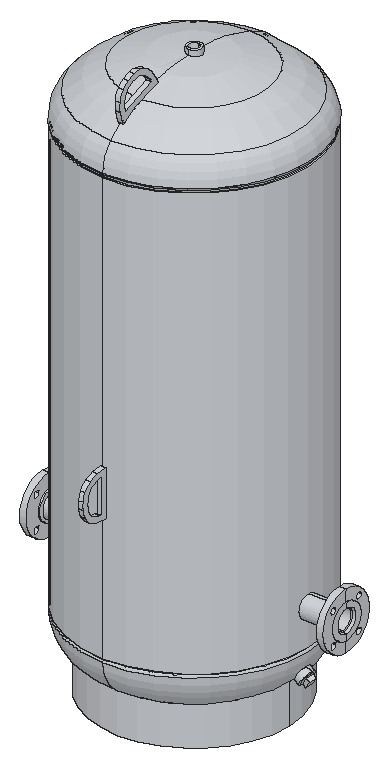
Revit family "CBT-120-2", category Generic Models, Revit 2014
Parameters (values of type "CBT-120-2")
  URL = "http://westank.com/"
  Tank Volume = 120.00 gal
  Shipping Weight = 410.00 lbf
  Part number = 552420120
  Model = "CBT-120-2"
  Flange Connector Diameter = 2"
  Description = "Wessels ASME Chilled Water Buffer Tanks (CBT) are designed for chilled water systems with insufficient water volume capacity in relation to the chiller capacity."
  D = 12"
  C = 19.99807"
  B = 60"
  A = 24"
Reference planes (in)
  plane 1 "Center (Front/Back)": y = 0
  plane 2: z = 0
  plane 3 "Center (Left/Right)": x = 0
  plane 4: through (12.55282, -180, 5.24135) normal (0.8192, 0, -0.5736)
  plane 5: z = 60
  plane 6: x = -9.99904
  plane 7: x = 9.99904
  plane 8: x = -12
  plane 9: x = 12
  plane 10: y = 12
  plane 11: y = -12
  plane 12: z = 11.99821
  plane 13: z = 11.99821
  plane 14: z = 11.99821
  plane 15: z = 12
Forms (in)
  Revolve 1, solid
    sketch origin (0, 0, 0) x (0, 1, 0) y (0, 0, 1)
      loop
        arc (-9.83101, 4.11424) -> (-7.79074, 2.94425) -> (-5.56568, 2.18221) r 12.35166
        arc (-5.56568, 2.18221) -> (-4.72655, 1.99447) -> (-3.88233, 1.83116) r 29.62981
        arc (-3.88233, 1.83116) -> (-1.94875, 1.5746) -> (0, 1.4915) r 21.84895
        line (0, 1.4915) -> (0, 1.65929)
        arc (0, 1.65929) -> (-1.35631, 1.72935) -> (-2.7096, 1.84384) r 41.42336
        arc (-2.7096, 1.84384) -> (-4.29668, 2.07784) -> (-5.85586, 2.45541) r 17.59706
        arc (-5.85586, 2.45541) -> (-7.96801, 3.24984) -> (-9.93425, 4.35719) r 14.74916
        arc (-9.93425, 4.35719) -> (-11.28742, 5.80966) -> (-11.85018, 7.71336) r 4.32984
        arc (-11.85018, 7.71336) -> (-11.81699, 7.79381) -> (-11.76254, 7.86171) r 0.30676
        arc (-11.76254, 7.86171) -> (-11.65716, 8.06319) -> (-11.7003, 8.28643) r 0.3444
        line (-11.7003, 8.28643) -> (-11.84851, 8.28643) -> (-11.84851, 53.23643) -> (-11.64597, 53.23643)
        arc (-11.64597, 53.23643) -> (-11.68669, 53.50997) -> (-11.81863, 53.75302) r 0.7952
        arc (-11.81863, 53.75302) -> (-11.84499, 53.79032) -> (-11.86692, 53.83038) r 0.40051
        arc (-11.86692, 53.83038) -> (-11.57837, 55.15816) -> (-10.81368, 56.28132) r 3.5625
        arc (-10.81368, 56.28132) -> (-9.13055, 57.64322) -> (-7.20864, 58.64022) r 10.74973
        arc (-7.20864, 58.64022) -> (-3.66872, 59.63274) -> (0, 59.87064) r 17.65577
        line (0, 59.87064) -> (0, 60.02076)
        arc (0, 60.02076) -> (-3.69689, 59.7801) -> (-7.26395, 58.77965) r 17.80577
        arc (-7.26395, 58.77965) -> (-9.21268, 57.76874) -> (-10.9193, 56.38783) r 10.89973
        arc (-10.9193, 56.38783) -> (-11.72267, 55.20221) -> (-12.01747, 53.80072) r 3.7125
        arc (-12.01747, 53.80072) -> (-11.98199, 53.72714) -> (-11.93601, 53.65963) r 0.55051
        arc (-11.93601, 53.65963) -> (-11.85613, 53.53057) -> (-11.80861, 53.38643) r 0.6452
        line (-11.80861, 53.38643) -> (-11.99851, 53.38643) -> (-11.99851, 8.13643) -> (-11.80492, 8.13643)
        arc (-11.80492, 8.13643) -> (-11.81524, 8.04663) -> (-11.86505, 7.97121) r 0.1944
        arc (-11.86505, 7.97121) -> (-11.95237, 7.85922) -> (-12.00107, 7.72583) r 0.45676
        arc (-12.00107, 7.72583) -> (-11.36713, 5.64899) -> (-9.83101, 4.11424) r 4.47984
      axis (0, 1.4915) -> (0, 60.02076)
    angle from 0 to 360
  Revolve 2, solid
    sketch origin (0, 0, 0) x (1, 0, 0) y (0, 0, 1)
      loop
        line (11.71753, 6.11956) -> (11.66586, 6.1556) -> (11.25436, 5.56561) -> (11.86992, 5.13627) -> (12.24588, 5.6753) -> (12.19462, 5.71106) -> (12.31904, 5.88945) -> (11.80641, 6.24699) -> (11.71753, 6.11956)
      axis (11.25436, 5.56561) -> (11.86992, 5.13627)
    angle from 0 to 360
  Extrusion 3, solid
    sketch origin (12.55282, -180, 5.24135) x (0.573576, 0, 0.819152) y (0, -1, 0)
      loop
        line (-0.16036, -179.52645) -> (-0.95521, -179.68698) -> (-0.79485, -180.48095) -> (0, -180.32042) -> (-0.16036, -179.52645)
    from -1.04121 to 0
  Extrusion 4, solid
    sketch origin (0, 0, 0) x (0, 1, 0) y (0, 0, 1)
      loop
        line (-11.93439, 21.33067) -> (-11.93439, 26.202)
        arc (-11.93439, 26.202) -> (-12.47846, 26.15164) -> (-13.01533, 26.05008) r 5.77422
        arc (-13.01533, 26.05008) -> (-13.49297, 25.89754) -> (-13.94252, 25.67548) r 3.35288
        arc (-13.94252, 25.67548) -> (-14.34081, 25.36666) -> (-14.64962, 24.96837) r 2.0073
        arc (-14.64962, 24.96837) -> (-14.80343, 24.58932) -> (-14.88788, 24.18906) r 2.30742
        arc (-14.88788, 24.18906) -> (-14.91277, 23.77188) -> (-14.88788, 23.3547) r 3.50846
        arc (-14.88788, 23.3547) -> (-14.79412, 22.92876) -> (-14.61961, 22.52904) r 2.24053
        arc (-14.61961, 22.52904) -> (-14.27401, 22.08806) -> (-13.80999, 21.77406) r 1.8078
        arc (-13.80999, 21.77406) -> (-13.34321, 21.55591) -> (-12.84107, 21.44044) r 2.44481
        arc (-12.84107, 21.44044) -> (-12.39043, 21.36326) -> (-11.93439, 21.33067) r 4.65484
      loop
        arc (-12.44611, 25.63929) -> (-12.67227, 25.60073) -> (-12.89654, 25.55235) r 5.2625
        arc (-12.89654, 25.55235) -> (-13.30128, 25.42308) -> (-13.68221, 25.23491) r 2.84116
        arc (-13.68221, 25.23491) -> (-13.97364, 25.01013) -> (-14.20134, 24.72098) r 1.49558
        arc (-14.20134, 24.72098) -> (-14.3163, 24.43235) -> (-14.37979, 24.12821) r 1.7957
        arc (-14.37979, 24.12821) -> (-14.40106, 23.77188) -> (-14.37979, 23.41555) r 2.99674
        arc (-14.37979, 23.41555) -> (-14.30745, 23.08689) -> (-14.17279, 22.77846) r 1.72881
        arc (-14.17279, 22.77846) -> (-13.91552, 22.45353) -> (-13.56884, 22.22643) r 1.29608
        arc (-13.56884, 22.22643) -> (-13.1779, 22.0402) -> (-12.75531, 21.94566) r 1.9331
        arc (-12.75531, 21.94566) -> (-12.60126, 21.91347) -> (-12.44611, 21.88716) r 4.14312
        line (-12.44611, 21.88716) -> (-12.44611, 25.63929)
    from -0.24366 to 0.25634
  Extrusion 5, solid
    sketch origin (0, -25.23675, 38.88211) x (0, 0.366501, -0.930418) y (0, 0.930418, 0.366501)
      loop
        line (-11.41103, 21.34851) -> (-11.41103, 26.20181)
        arc (-11.41103, 26.20181) -> (-12.2185, 26.18219) -> (-13.01533, 26.05008) r 5.77422
        arc (-13.01533, 26.05008) -> (-13.49297, 25.89754) -> (-13.94252, 25.67548) r 3.35288
        arc (-13.94252, 25.67548) -> (-14.34081, 25.36666) -> (-14.64962, 24.96837) r 2.0073
        arc (-14.64962, 24.96837) -> (-14.80343, 24.58932) -> (-14.88788, 24.18906) r 2.30742
        arc (-14.88788, 24.18906) -> (-14.91277, 23.77188) -> (-14.88788, 23.3547) r 3.50846
        arc (-14.88788, 23.3547) -> (-14.79412, 22.92876) -> (-14.61961, 22.52904) r 2.24053
        arc (-14.61961, 22.52904) -> (-14.27401, 22.08806) -> (-13.80999, 21.77406) r 1.8078
        arc (-13.80999, 21.77406) -> (-13.34321, 21.55591) -> (-12.84107, 21.44044) r 2.44481
        arc (-12.84107, 21.44044) -> (-12.12961, 21.33911) -> (-11.41103, 21.34851) r 4.65484
      loop
        arc (-12.44611, 25.63929) -> (-12.67227, 25.60073) -> (-12.89654, 25.55235) r 5.2625
        arc (-12.89654, 25.55235) -> (-13.30128, 25.42308) -> (-13.68221, 25.23491) r 2.84116
        arc (-13.68221, 25.23491) -> (-13.97364, 25.01013) -> (-14.20134, 24.72098) r 1.49558
        arc (-14.20134, 24.72098) -> (-14.3163, 24.43235) -> (-14.37979, 24.12821) r 1.7957
        arc (-14.37979, 24.12821) -> (-14.40106, 23.77188) -> (-14.37979, 23.41555) r 2.99674
        arc (-14.37979, 23.41555) -> (-14.30745, 23.08689) -> (-14.17279, 22.77846) r 1.72881
        arc (-14.17279, 22.77846) -> (-13.91552, 22.45353) -> (-13.56884, 22.22643) r 1.29608
        arc (-13.56884, 22.22643) -> (-13.1779, 22.0402) -> (-12.75531, 21.94566) r 1.9331
        arc (-12.75531, 21.94566) -> (-12.60126, 21.91347) -> (-12.44611, 21.88716) r 4.14312
        line (-12.44611, 21.88716) -> (-12.44611, 25.63929)
    from -0.24366 to 0.25634
  Extrusion 6, void
    sketch origin (0, 0, 0) x (1, 0, 0) y (0, 1, 0)
      loop
        circle (0, 0) r 0.5
    from 58.5833 to 62.3834
  Revolve 7, solid
    sketch origin (0, 0, 0) x (1, 0, 0) y (0, 0, 1)
      loop
        line (9.87513, 4.44941) -> (9.87513, 0) -> (10.00001, 0) -> (10.00001, 4.44941) -> (9.87513, 4.44941)
      axis (0, 4.44941) -> (0, 0)
    angle from 0 to 360
  Revolve 8, solid
    sketch origin (0, 0, 0) x (1, 0, 0) y (0, 0, 1)
      loop
        line (15, 10.77806) -> (15, 10.46875) -> (15.25, 10.46875) -> (15.25, 8.99805) -> (15.94384, 8.99805) -> (15.94384, 10.1875) -> (16.00634, 10.1875) -> (16.00634, 10.77806) -> (15, 10.77806)
      axis (16.00634, 11.99821) -> (15, 11.99821)
    angle from 0 to 360
  Extrusion 9, void
    sketch origin (0, 0, 0) x (0, 1, 0) y (0, 0, 1)
      loop
        circle (1.67838, 13.65975) r 0.38097
      loop
        circle (-1.69644, 13.66878) r 0.38097
      loop
        circle (1.66935, 10.33245) r 0.38097
      loop
        circle (-1.69644, 10.32341) r 0.38097
    from 13.18334 to 17.21816
  Revolve 10, solid
    sketch origin (0, 0, 0) x (-1, 0, 0) y (0, 0, 1)
      loop
        line (-11.375, 10.96467) -> (-15.61866, 10.96467) -> (-15.61866, 10.81071) -> (-11.375, 10.81071) -> (-11.375, 10.96467)
      axis (-15.61866, 11.99821) -> (-11.375, 11.99821)
    angle from 0 to 360
  Revolve 11, solid
    sketch origin (0, 0, 0) x (-1, 0, 0) y (0, 0, 1)
      loop
        line (15, 10.77806) -> (15, 10.46875) -> (15.25, 10.46875) -> (15.25, 8.99805) -> (15.94384, 8.99805) -> (15.94384, 10.1875) -> (16.00634, 10.1875) -> (16.00634, 10.77806) -> (15, 10.77806)
      axis (16.00634, 11.99821) -> (15, 11.99821)
    angle from 0 to 360
  Extrusion 12, void
    sketch origin (0, 0, 0) x (0, 1, 0) y (0, 0, -1)
      loop
        circle (1.67001, -13.67695) r 0.38097
      loop
        circle (-1.69736, -13.67695) r 0.38097
      loop
        circle (1.66025, -10.31316) r 0.38097
      loop
        circle (-1.69931, -10.32098) r 0.38097
    from 13.18334 to 17.21816
  Revolve 13, solid
    sketch origin (0, 0, 0) x (1, 0, 0) y (0, 0, 1)
      loop
        line (-11.375, 10.96467) -> (-15.61866, 10.96467) -> (-15.61866, 10.81071) -> (-11.375, 10.81071) -> (-11.375, 10.96467)
      axis (-15.61866, 11.99821) -> (-11.375, 11.99821)
    angle from 0 to 360
  Revolve 14, solid
    sketch origin (0, 0, 0) x (0, 1, 0) y (0, 0, 1)
      loop
        line (-0.75142, 60.51897) -> (-0.75142, 59.62205) -> (-0.48677, 59.62205) -> (-0.51809, 60.51897) -> (-0.75142, 60.51897)
      axis (0, 59.62205) -> (0, 60.51897)
    angle from 0 to 360
Cuts and joins
  Extrusion 6 cuts Revolve 1
  Extrusion 9, Extrusion 12 cuts Revolve 8
  Extrusion 12 cuts Revolve 11
  joined: Revolve 1, Revolve 2, Extrusion 3, Extrusion 4, Extrusion 5, Revolve 7, Revolve 8, Revolve 10, Revolve 11, Revolve 13
Dimensions and locks (in)
  "B": plane 5 to level
  "C": plane 7 to plane 6
  equal spacing: plane 9, plane 3 "Center (Left/Right)", plane 8
  "A": plane 9 to plane 8
  "D": plane 15 to level
  aligned and locked: plane 2 to level
  aligned and locked: Revolve 1 sketch curve to Revolve 1 sketch curve
  aligned and locked: Revolve 7 sketch curve to plane 3 "Center (Left/Right)"
Automatic sketch dimensions
  Revolve 1 sketch curve to Revolve 1 sketch curve = 0"  (x30)
  Revolve 1 sketch curve to plane 1 "Center (Front/Back)" = 0"  (x2)
  plane 1 "Center (Front/Back)" to Revolve 1 sketch curve = 0.04449"
  plane 1 "Center (Front/Back)" to Revolve 1 sketch curve = 0.69809"
  plane 1 "Center (Front/Back)" to Revolve 1 sketch curve = 0.93901"
  plane 1 "Center (Front/Back)" to Revolve 1 sketch curve = 1.73475"
  plane 13 to Revolve 1 sketch curve = 2.19727"
  Revolve 1 sketch curve to Revolve 1 sketch curve = 0.95959"
  plane 1 "Center (Front/Back)" to Revolve 1 sketch curve = 3.24468"
  Revolve 1 sketch curve to plane 11 = 4.47284"
  Revolve 1 sketch curve to plane 11 = 3.69471"
  Revolve 1 sketch curve to plane 11 = 0.49477"
  Revolve 1 sketch curve to plane 11 = 0.44712"
  Revolve 1 sketch curve to plane 11 = 0.35403"
  Revolve 1 sketch curve to plane 11 = 0.2997"
  Revolve 1 sketch curve to Revolve 1 sketch curve = 0.10462"
  Revolve 1 sketch curve to plane 11 = 0.19139"
  Revolve 1 sketch curve to plane 11 = 0.15149"
  Revolve 1 sketch curve to plane 11 = 0.00208"
  Revolve 1 sketch curve to plane 11 = 0.00149"
  plane 11 to Revolve 1 sketch curve = 0.44088"
  Revolve 1 sketch curve to plane 1 "Center (Front/Back)" = 1.32224"
  Revolve 1 sketch curve to plane 1 "Center (Front/Back)" = 1.45836"
  Revolve 1 sketch curve to plane 13 = 3.71179"
  Revolve 1 sketch curve to Revolve 1 sketch curve = 0.15"  (x2)
  Revolve 1 sketch curve to Revolve 1 sketch curve = 0.02331"
  Revolve 1 sketch curve to plane 13 = 4.04193"
  Revolve 1 sketch curve to Revolve 1 sketch curve = 0.49864"
  level to Revolve 1 sketch curve = 1.65929"
  Revolve 1 sketch curve to Revolve 1 sketch curve = 0.16779"
  Revolve 1 sketch curve to Revolve 1 sketch curve = 2.42164"
  Revolve 1 sketch curve to Revolve 1 sketch curve = 2.73447"
  Revolve 1 sketch curve to Revolve 1 sketch curve = 3.98882"
  Revolve 1 sketch curve to Revolve 1 sketch curve = 7.65989"
  Revolve 1 sketch curve to Revolve 1 sketch curve = 11.22838"
  Revolve 1 sketch curve to Revolve 1 sketch curve = 0.8283"
  Revolve 1 sketch curve to Revolve 1 sketch curve = 6.41936"
  Revolve 1 sketch curve to plane 5 = 6.76357"
  Revolve 1 sketch curve to Revolve 1 sketch curve = 0.02147"
  Revolve 1 sketch curve to Revolve 1 sketch curve = 0.5152"
  Revolve 1 sketch curve to Revolve 1 sketch curve = 0.61597"
  Revolve 1 sketch curve to plane 5 = 0.12936"
  plane 5 to Revolve 1 sketch curve = 0.02076"
  Revolve 1 sketch curve to Revolve 1 sketch curve = 0.10324"
  Revolve 1 sketch curve to Revolve 1 sketch curve = 0.06037"
  Revolve 2 sketch curve to plane 9 = 0.74564"
  Revolve 2 sketch curve to plane 9 = 0.33414"
  Revolve 2 sketch curve to Revolve 2 sketch curve = 0.05167"
  Revolve 2 sketch curve to Revolve 2 sketch curve = 0.08888"
  Revolve 2 sketch curve to plane 9 = 0.13008"
  plane 9 to Revolve 2 sketch curve = 0.19462"
  Revolve 2 sketch curve to Revolve 2 sketch curve = 0.05126"
  level to Revolve 2 sketch curve = 5.13627"
  Revolve 2 sketch curve to Revolve 2 sketch curve = 0.42934"
  Revolve 2 sketch curve to Revolve 2 sketch curve = 0.12768"
  Revolve 2 sketch curve to Revolve 2 sketch curve = 0"  (x2)
  Revolve 2 sketch curve to Revolve 2 sketch curve = 0.08905"
  plane 1 "Center (Front/Back)" to Extrusion 3 sketch curve = 0.31302"
  Extrusion 3 sketch curve to plane 1 "Center (Front/Back)" = 0.48095"
  Extrusion 3 sketch curve to Extrusion 3 sketch curve = 0.16036"  (x2)
  plane 1 "Center (Front/Back)" to Extrusion 3 sketch curve = 0.47355"
  Extrusion 3 sketch curve to Extrusion 3 sketch curve = 0.79485"
  Extrusion 3 sketch curve to plane 1 "Center (Front/Back)" = 0.32042"
  Extrusion 4 sketch curve to Extrusion 4 sketch curve = 0"  (x24)
  plane 11 to Extrusion 4 sketch curve = 1.04109"
  Extrusion 4 sketch curve to Extrusion 4 sketch curve = 0.11966"
  Extrusion 4 sketch curve to Extrusion 4 sketch curve = 0.25819"
  Extrusion 4 sketch curve to Extrusion 4 sketch curve = 0.06641"
  Extrusion 4 sketch curve to Extrusion 4 sketch curve = 0.04958"
  plane 11 to Extrusion 4 sketch curve = 0.44611"
  plane 11 to Extrusion 4 sketch curve = 0.23696"
  Extrusion 4 sketch curve to plane 11 = 0.06561"
  Extrusion 4 sketch curve to plane 11 = 0.16899"
  Extrusion 4 sketch curve to plane 11 = 0.32516"
  Extrusion 4 sketch curve to plane 11 = 0.59568"
  plane 13 to Extrusion 4 sketch curve = 8.4354"
  Extrusion 4 sketch curve to Extrusion 4 sketch curve = 0.89706"
  Extrusion 4 sketch curve to Extrusion 4 sketch curve = 0.55648"
  Extrusion 4 sketch curve to Extrusion 4 sketch curve = 0.90165"
  Extrusion 4 sketch curve to Extrusion 4 sketch curve = 0.62139"
  Extrusion 4 sketch curve to Extrusion 4 sketch curve = 0.21092"
  Extrusion 4 sketch curve to Extrusion 4 sketch curve = 0.15076"
  Extrusion 4 sketch curve to Extrusion 4 sketch curve = 0.24641"
  Extrusion 4 sketch curve to Extrusion 4 sketch curve = 0.04716"
  Extrusion 4 sketch curve to Extrusion 4 sketch curve = 0.0326"
  Extrusion 4 sketch curve to Extrusion 4 sketch curve = 1.7246"
  Extrusion 4 sketch curve to Extrusion 4 sketch curve = 0.34507"
  Extrusion 4 sketch curve to Extrusion 4 sketch curve = 0.21764"
  Extrusion 4 sketch curve to Extrusion 4 sketch curve = 1.12273"
  Extrusion 4 sketch curve to Extrusion 4 sketch curve = 0.78568"
  Extrusion 4 sketch curve to Extrusion 4 sketch curve = 0.24115"
  Extrusion 4 sketch curve to Extrusion 4 sketch curve = 0.2603"
  Extrusion 4 sketch curve to Extrusion 4 sketch curve = 0.60395"
  Extrusion 4 sketch curve to Extrusion 4 sketch curve = 0.51913"
  Extrusion 4 sketch curve to Extrusion 4 sketch curve = 0.44682"
  Extrusion 4 sketch curve to Extrusion 4 sketch curve = 0.44829"
  Extrusion 5 sketch curve to Extrusion 5 sketch curve = 0"  (x24)
  Extrusion 5 sketch curve to plane 5 = 0.40436"
  Extrusion 5 sketch curve to plane 11 = 3.76493"
  Extrusion 5 sketch curve to Extrusion 5 sketch curve = 0.11966"
  Extrusion 5 sketch curve to Extrusion 5 sketch curve = 0.25819"
  Extrusion 5 sketch curve to Extrusion 5 sketch curve = 0.06641"
  Extrusion 5 sketch curve to Extrusion 5 sketch curve = 0.04958"
  Extrusion 5 sketch curve to Extrusion 5 sketch curve = 0.59499"
  Extrusion 5 sketch curve to Extrusion 5 sketch curve = 0.20915"
  Extrusion 5 sketch curve to Extrusion 5 sketch curve = 0.6151"
  Extrusion 5 sketch curve to Extrusion 5 sketch curve = 0.77126"
  Extrusion 5 sketch curve to Extrusion 5 sketch curve = 0.41998"
  Extrusion 5 sketch curve to Extrusion 5 sketch curve = 1.14294"
  Extrusion 5 sketch curve to Extrusion 5 sketch curve = 0.62139"
  Extrusion 5 sketch curve to Extrusion 5 sketch curve = 0.90165"
  Extrusion 5 sketch curve to Extrusion 5 sketch curve = 0.53865"
  Extrusion 5 sketch curve to Extrusion 5 sketch curve = 0.91489"
  Extrusion 5 sketch curve to Extrusion 5 sketch curve = 0.21092"
  Extrusion 5 sketch curve to Extrusion 5 sketch curve = 0.15076"
  Extrusion 5 sketch curve to Extrusion 5 sketch curve = 0.24641"
  Extrusion 5 sketch curve to Extrusion 5 sketch curve = 0.04716"
  Extrusion 5 sketch curve to Extrusion 5 sketch curve = 0.0326"
  Extrusion 5 sketch curve to Extrusion 5 sketch curve = 1.7246"
  Extrusion 5 sketch curve to Extrusion 5 sketch curve = 0.34507"
  Extrusion 5 sketch curve to Extrusion 5 sketch curve = 0.21744"
  Extrusion 5 sketch curve to Extrusion 5 sketch curve = 1.12273"
  Extrusion 5 sketch curve to Extrusion 5 sketch curve = 0.78568"
  Extrusion 5 sketch curve to Extrusion 5 sketch curve = 0.24115"
  Extrusion 5 sketch curve to Extrusion 5 sketch curve = 0.2603"
  Extrusion 5 sketch curve to Extrusion 5 sketch curve = 0.60395"
  Extrusion 5 sketch curve to Extrusion 5 sketch curve = 0.51913"
  Extrusion 5 sketch curve to Extrusion 5 sketch curve = 0.44682"
  Extrusion 5 sketch curve to Extrusion 5 sketch curve = 0.44829"
  Extrusion 6 sketch curve to Extrusion 6 sketch curve = 0"  (x2)
  plane 1 "Center (Front/Back)" to Extrusion 6 sketch curve = 0"
  Extrusion 6 sketch curve to plane 3 "Center (Left/Right)" = 0"
  Extrusion 6 sketch curve to plane 3 "Center (Left/Right)" = 0.5"
  Revolve 7 sketch curve to level = 0"
  Revolve 7 sketch curve to plane 7 = 0.12391"
  plane 7 to Revolve 7 sketch curve = 0.00098"
  Revolve 7 sketch curve to Revolve 7 sketch curve = 4.44941"
  level to Revolve 7 sketch curve = 4.69941"
  Revolve 7 sketch curve to Revolve 7 sketch curve = 1"
  Revolve 8 sketch curve to plane 13 = 0"
  plane 9 to Revolve 8 sketch curve = 3"
  Revolve 8 sketch curve to Revolve 8 sketch curve = 0.25"
  Revolve 8 sketch curve to Revolve 8 sketch curve = 0.69384"
  Revolve 8 sketch curve to Revolve 8 sketch curve = 0.0625"
  Revolve 8 sketch curve to plane 13 = 1.22016"
  Revolve 8 sketch curve to Revolve 8 sketch curve = 0.30931"
  Revolve 8 sketch curve to Revolve 8 sketch curve = 0.59056"
  Revolve 8 sketch curve to Revolve 8 sketch curve = 1.18945"
  Revolve 8 sketch curve to Revolve 8 sketch curve = 0.81816"
  Revolve 8 sketch curve to Revolve 8 sketch curve = 0.68278"
  Revolve 10 sketch curve to plane 12 = 0"
  Revolve 10 sketch curve to plane 12 = 1.03355"
  Revolve 10 sketch curve to plane 9 = 3.61866"
  plane 9 to Revolve 10 sketch curve = 0.625"  (x2)
  Revolve 10 sketch curve to Revolve 10 sketch curve = 0.15395"
  Revolve 10 sketch curve to Revolve 10 sketch curve = 0.66355"
  Revolve 11 sketch curve to plane 13 = 0"
  plane 8 to Revolve 11 sketch curve = 3"
  Revolve 11 sketch curve to Revolve 11 sketch curve = 0.25"
  Revolve 11 sketch curve to Revolve 11 sketch curve = 0.69384"
  Revolve 11 sketch curve to Revolve 11 sketch curve = 0.0625"
  plane 13 to Revolve 11 sketch curve = 1.22016"
  Revolve 11 sketch curve to Revolve 11 sketch curve = 0.30931"
  Revolve 11 sketch curve to Revolve 11 sketch curve = 0.59056"
  Revolve 11 sketch curve to Revolve 11 sketch curve = 1.18945"
  Revolve 11 sketch curve to Revolve 11 sketch curve = 0.81816"
  Revolve 11 sketch curve to Revolve 11 sketch curve = 0.68278"
  plane 1 "Center (Front/Back)" to Extrusion 12 sketch curve = 1.69736"
  plane 1 "Center (Front/Back)" to Extrusion 12 sketch curve = 1.69931"
  Extrusion 12 sketch curve to plane 1 "Center (Front/Back)" = 1.66025"
  Extrusion 12 sketch curve to plane 1 "Center (Front/Back)" = 1.67001"
  plane 13 to Extrusion 12 sketch curve = 1.67874"  (x2)
  Extrusion 12 sketch curve to plane 13 = 1.67724"
  Extrusion 12 sketch curve to plane 13 = 1.68505"
  Revolve 13 sketch curve to plane 13 = 0"
  Revolve 13 sketch curve to plane 13 = 1.03355"
  Revolve 13 sketch curve to plane 8 = 3.61866"
  plane 8 to Revolve 13 sketch curve = 0.625"  (x2)
  Revolve 13 sketch curve to Revolve 13 sketch curve = 0.15395"
  Revolve 13 sketch curve to Revolve 13 sketch curve = 0.66355"
  plane 1 "Center (Front/Back)" to Extrusion 9 sketch curve = 1.69644"  (x2)
  Extrusion 9 sketch curve to plane 1 "Center (Front/Back)" = 1.66935"
  Extrusion 9 sketch curve to plane 1 "Center (Front/Back)" = 1.67838"
  Extrusion 9 sketch curve to plane 13 = 1.6748"
  Extrusion 9 sketch curve to plane 13 = 1.66577"
  plane 13 to Extrusion 9 sketch curve = 1.66153"
  plane 13 to Extrusion 9 sketch curve = 1.67056"
  Revolve 14 sketch curve to plane 1 "Center (Front/Back)" = 0"
  plane 1 "Center (Front/Back)" to Revolve 14 sketch curve = 0.48677"
  plane 1 "Center (Front/Back)" to Revolve 14 sketch curve = 0.51809"
  Revolve 14 sketch curve to Revolve 14 sketch curve = 0.23333"
  Revolve 14 sketch curve to plane 5 = 0.37795"
  plane 5 to Revolve 14 sketch curve = 0.51897"
  Revolve 14 sketch curve to Revolve 14 sketch curve = 0.07408"
  Revolve 14 sketch curve to Revolve 14 sketch curve = 0.21389"
  radius of Extrusion 12 sketch curve = 0.38097"  (x4)
  radius of Extrusion 9 sketch curve = 0.38097"  (x4)
Connectors (in)
  piping at (16.00634, 0, 11.99821), diameter 2, driven by "Flange Connector Diameter"
    settings: on Revolve 8, index 1, connector inside diameter 24", connector length 0", flow factor 0, pipe flow 0 GPM, pressure drop 0.00 psi, fitting loss kfactor 0, connector angle 0.00°, fixture units 0, engagement length 0", angle of deflection 0.00°, flow configuration 0, flow direction 0, fitting loss method 0, system type 7, joint type 0, gender type 0, connector reference index 2, connector utility 0, adjustable connector no, is connector primary yes, connector description ""
  piping at (-16.00634, 0, 11.99821), diameter 2, driven by "Flange Connector Diameter"
    settings: on cut or joined group of Revolve 1, Revolve 2, Extrusion 3, Extrusion 4, Extrusion 5, Extrusion 6, Revolve 7, Revolve 8, Extrusion 9, Revolve 10, Revolve 11, Extrusion 12, Revolve 13, index 2, connector inside diameter 24", connector length 0", flow factor 0, pipe flow 0 GPM, pressure drop 0.00 psi, fitting loss kfactor 0, connector angle 0.00°, fixture units 0, engagement length 0", angle of deflection 0.00°, flow configuration 0, flow direction 0, fitting loss method 0, system type 7, joint type 0, gender type 0, connector reference index 1, connector utility 0, adjustable connector no, is connector primary no, connector description ""
